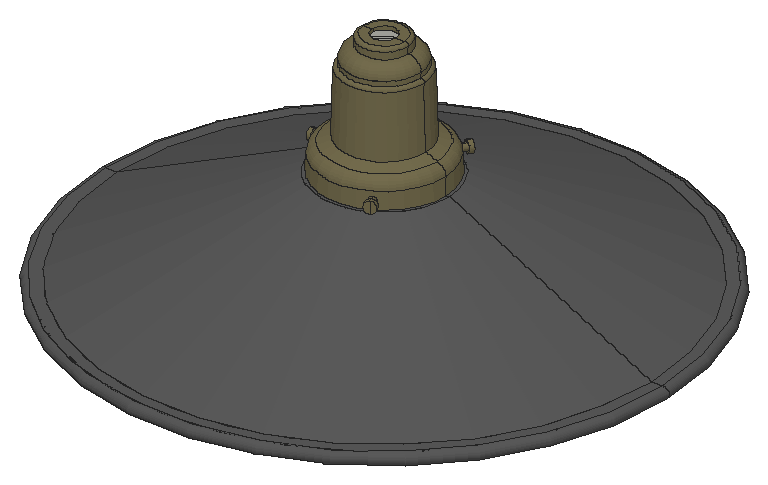
Revit family "S2H2 SHADE", category Lighting Fixtures, Revit 2024
Family settings
  Round Connector Dimension = Use Diameter
  Part Type = Normal
  OmniClass Number = 23.80.70.00
  OmniClass Title = Lighting
  Work Plane-Based = No
  Always vertical = Yes
  Cut with Voids When Loaded = No
  Light Source = Yes
  Maintain Annotation Orientation = No
  Shared = No
  Room Calculation Point = No
Parameters
  Wattage = 12.1178 W
  built-in parameter 1150110 = 1 (stored number, unit not read)
  built-in parameter 1114217 = 1 (stored number, unit not read)
  built-in parameter 1150109 = 1 (stored number, unit not read)
  built-in parameter 1150134 = (empty or 0)
  built-in parameter 1150113 = 1 (stored number, unit not read)
  Lumens = 1800 lm
  built-in parameter 1150115 = 1 (stored number, unit not read)
  built-in parameter 1150105 = 572.96 (stored number, unit not read)
  Light Source Symbol Size = 2' - 0"
  built-in parameter 1150137 = (empty or 0)
  built-in parameter 1150139 = (empty or 0)
  built-in parameter 1150112 = 1 (stored number, unit not read)
  built-in parameter 1150114 = 1 (stored number, unit not read)
  built-in parameter 1150132 = 2
  built-in parameter 1150102 = (empty or 0)
  built-in parameter 1150138 = (empty or 0)
  built-in parameter 1150107 = 3000 (stored number, unit not read)
  built-in parameter 1150106 = 5.7296 (stored number, unit not read)
  built-in parameter 1150104 = 13.8 (stored number, unit not read)
  Dimming Lamp Color Temperature Shift = (empty or 0)
  Default Elevation = 0' - 0"
  Color Filter = 16777215
  built-in parameter 1114218 = 1 (stored number, unit not read)
  built-in parameter 1150133 = 10 (stored number, unit not read)
Reference planes (in)
  plane 1 "Light Source Axis (F/B)": y = 0
  plane 2: z = 0
  plane 3 "Light Source Axis (L/R)": x = 0
  plane 4 "Light Source Elevation": z = 84
Forms (in)
  Revolve 1, solid
    sketch origin (0, 0, 0) x (1, 0, 0) y (0, 0, 1)
      loop
        line (-0.93718, 86.23809) -> (-1.37137, 86.23809) -> (-5.63484, 84.25) -> (-5.875, 84.25)
        arc (-5.875, 84.25) -> (-5.97481, 84.04975) -> (-5.75482, 84.09061) r 0.125
        line (-5.75482, 84.09061) -> (-1.35059, 86.14434) -> (-0.93718, 86.14434) -> (-0.93718, 86.23809)
      axis (0, 86.23809) -> (0, 84.09061)
    angle from 0 to 360
  Revolve 2, solid
    sketch origin (0, 0, -0.05428) x (1, 0, 0) y (0, 0, 1)
      loop
        line (-0.25, 88.89486) -> (-0.43, 88.89486)
        arc (-0.43, 88.89486) -> (-0.4795, 88.87436) -> (-0.5, 88.82486) r 0.07
        line (-0.5, 88.82486) -> (-0.5, 88.68486)
        arc (-0.5, 88.68486) -> (-0.68708, 88.60737) -> (-0.76457, 88.42029) r 0.26457
        line (-0.76457, 88.42029) -> (-0.76457, 88.32449)
        arc (-0.76457, 88.32449) -> (-0.81932, 88.30181) -> (-0.842, 88.24706) r 0.07743
        line (-0.842, 88.24706) -> (-0.875, 86.96486) -> (-1.12093, 86.87535)
        arc (-1.12093, 86.87535) -> (-1.24281, 86.78351) -> (-1.2925, 86.6392) r 0.261
        line (-1.2925, 86.6392) -> (-1.30461, 86.29236) -> (-1.24207, 86.29236) -> (-1.23004, 86.63702)
        arc (-1.23004, 86.63702) -> (-1.19225, 86.74677) -> (-1.09955, 86.81662) r 0.1985
        line (-1.09955, 86.81662) -> (-0.81362, 86.92069) -> (-0.77952, 88.24546)
        arc (-0.77952, 88.24546) -> (-0.72476, 88.26814) -> (-0.70207, 88.3229) r 0.07745
        line (-0.70207, 88.3229) -> (-0.70207, 88.42029)
        arc (-0.70207, 88.42029) -> (-0.61875, 88.58379) -> (-0.4375, 88.61246) r 0.20207
        line (-0.4375, 88.61246) -> (-0.4375, 88.83236) -> (-0.25, 88.83236) -> (-0.25, 88.89486)
      axis (0, 88.89486) -> (0, 86.29236)
    angle from 0 to 360
  Revolve 3, solid
    sketch origin (0, 0, -0.05428) x (1, 0, 0) y (0, 0, 1)
      loop
        line (-1.54717, 86.46501) -> (-1.30016, 86.46501) -> (-1.30016, 86.53518) -> (-1.46388, 86.53518) -> (-1.46388, 86.58194) -> (-1.54717, 86.58194) -> (-1.54717, 86.46501)
      axis (-1.30016, 86.46501) -> (-1.54717, 86.46501)
    angle from 0 to 360
  Revolve 4, solid
    sketch origin (0, 0, -0.05428) x (-0.5, -0.866025, 0) y (0, 0, 1)
      loop
        line (-1.54717, 86.46501) -> (-1.30016, 86.46501) -> (-1.30016, 86.53518) -> (-1.46388, 86.53518) -> (-1.46388, 86.58194) -> (-1.54717, 86.58194) -> (-1.54717, 86.46501)
      axis (-1.30016, 86.46501) -> (-1.54717, 86.46501)
    angle from 0 to 360
  Revolve 5, solid
    sketch origin (0, 0, -0.05428) x (-0.5, 0.866025, 0) y (0, 0, 1)
      loop
        line (-1.54717, 86.46501) -> (-1.30016, 86.46501) -> (-1.30016, 86.53518) -> (-1.46388, 86.53518) -> (-1.46388, 86.58194) -> (-1.54717, 86.58194) -> (-1.54717, 86.46501)
      axis (-1.30016, 86.46501) -> (-1.54717, 86.46501)
    angle from 0 to 360
Dimensions and locks (in)
  aligned and locked: plane 3 "Light Source Axis (L/R)" to imposter light
  aligned and locked: plane 1 "Light Source Axis (F/B)" to imposter light
  aligned and locked: plane 4 "Light Source Elevation" to imposter light
  aligned and locked: level to plane 2
